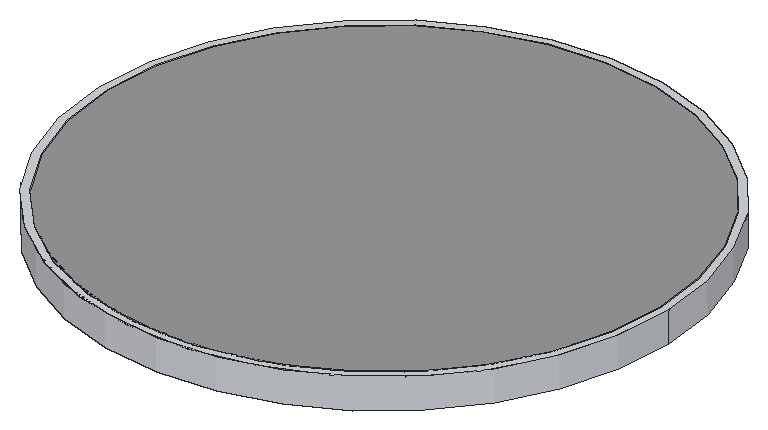
Revit family "2071316", category Lighting Fixtures, host Face, Revit 2018
Family settings
  Host = Face
  Round Connector Dimension = Use Diameter
  Part Type = Junction Box
  OmniClass Number = 23.80.70.00
  OmniClass Title = Lighting
  Cut with Voids When Loaded = No
  Light Source = Yes
  Shared = No
  Room Calculation Point = No
Parameters (values of type "2071316 COLOSSAL 1200 840 OP DIR+H WHT SSC")
  iner diameter = 1168 mm
  Weight = "n/a"
  Wattage Comments = ""
  Wattage = 30 W
  WarrantyStartDate [instance] = "n/a"
  WarrantyGuarantorParts = "n/a"
  WarrantyDurationUnit = "n/a"
  WarrantyDurationParts = ""
  WarrantyDescription = "http://www.sylvania-lighting.com"
  built-in parameter 1150110 = 1 (stored number, unit not read)
  Voltage = 230 V
  URL = "0.95"
  TypeName = "COLOSSAL 1200mm 840 OPAL DIR+HAL WHITE SSC"
  Type Image = <None>
  Type Comments = "n/a"
  built-in parameter 1114217 = 1 (stored number, unit not read)
  Tilt Angle = -90.00°
  built-in parameter 1150109 = 1 (stored number, unit not read)
  built-in parameter 1150134 = (empty or 0)
  built-in parameter 1150113 = 1 (stored number, unit not read)
  SerialNumber [instance] = "n/a"
  Photometric Web File = "2071316.ies"
  Material_3_SYL = LED-Sylvania
  PowerFactor = 0
  PowerConsumption = "Lighting"
  NominalLength = 1168 mm
  NominalHeight = 93 mm
  NominalDepth = 1168 mm
  Name = "COLOSSAL 1200mm 840 OPAL DIR+HAL WHITE SSC"
  ModelReference = Name  # "COLOSSAL 1200mm 840 OPAL DIR+HAL WHITE SSC"
  ModelNumber = "2071316"
  Model = Name  # "COLOSSAL 1200mm 840 OPAL DIR+HAL WHITE SSC"
  Material = "Feilo Sylvania"
  ManufacturerName = "144 lm/W"
  Manufacturer = ""
  LuminousEfficacy = ""
  built-in parameter 1150105 = 270.44 (stored number, unit not read)
  Lumens = 3398.4 lm
  LuminaireType = "0"
  built-in parameter 1150115 = 1 (stored number, unit not read)
  LightOutputRatio = "LED"
  built-in parameter 1150137 = (empty or 0)
  built-in parameter 1150139 = (empty or 0)
  LampsType = Lamp  # "n/a"
  LampNominalLuminous = "4000 K"
  LampMacAdamStep = "80"
  LampColourTemperature = "LED"
  LampColourRenderingIndex = "16500"
  built-in parameter 1150112 = 1 (stored number, unit not read)
  built-in parameter 1150114 = 1 (stored number, unit not read)
  Lamp = "n/a"
  Keynote = "n/a"
  InstallationDate [instance] = "n/a"
  InputVoltage = "0"
  InputNominalFrequency = "4000"
  built-in parameter 1150132 = (empty or 0)
  built-in parameter 1150102 = (empty or 0)
  built-in parameter 1150107 = 3000 (stored number, unit not read)
  built-in parameter 1150138 = (empty or 0)
  IngressProtection = "IfcLightFixtureType"
  ImpactProtectionIndex = "IfcLightFixtureType"
  built-in parameter 1150106 = 2.7044 (stored number, unit not read)
  IfcExportType = "IfcLightFixtureType"
  IfcExportAs = "Class I"
  Emit from Circle Diameter = 385 mm
  Emit Shape Visible in Rendering = no
  ElectricShockClassification = "144"
  built-in parameter 1150104 = 10.524 (stored number, unit not read)
  DocumentationLiterature = "http://www.sylvania-lighting.com/product/en-int/products/2071316"
  DimmingControlOptions = "n/a"
  Material_2_SYL = Polycarbonate_Sylvania_White
  Dimming Lamp Color Temperature Shift = <None>
  Description = "1200mm diameter circular architectural luminaire, can be surface mounted or suspended. Powder coated aluminium housing (RAL9016) with polycarbonate opal diffuser. Direct/indirect (halo) light distribution, 22175lm luminuous flux, 153.6W system power, 144lm/W luminiaire efficacy. Sylsmart Standalone enabled. Colour rendering index Ra >80, 4000K Neutral White LED, chromaticity tolerance of 3-step MacAdam ellipse. IP40/IP20, IK03. 450mA drive current. Electrical protection Class1, 220-240V. Reported lifetime 66k hours L90B10."
  Default Elevation = 1219.2 mm
  CreatedOn = "23/03/2022"
  CreatedBy = "@sylvania-lighting.com"
  Cost = 0
  Color Filter = 16777215
  built-in parameter 1114216 [instance] = (empty or 0)
  ClassificationValue = "EF_70_80"
  ClassificationName = "Uniclass2015"
  Material_1_SYL = Polycarbonate_Sylvania_Opal
  BarCode [instance] = "n/a"
  built-in parameter 1114218 = 1 (stored number, unit not read)
  built-in parameter 1150133 = 10 (stored number, unit not read)
  AssetType = "Fixed"
  AssetIdentifier [instance] = "n/a"
  Assembly Code = "D5020200"
  Apparent Load = 153.6 VA
  Material_4_SYL = none
Reference planes
  plane 1 "Center (Front/Back)": y = 0
  plane 2: z = 0
  plane 3 "Center (Left/Right)": x = 0
  plane 4: z = 1.161
  plane 5: z = 16.161
  plane 6: y = 584
  plane 7: y = -584
  plane 8: x = 85
  plane 9: x = -85
  plane 10: through (0, 0, 1219.2) normal (0.5, 0.866, 0)
  plane 11: through (42.5, 73.612, 1219.2) normal (0.5, 0.866, 0)
  plane 12: through (-42.5, -73.612, 1219.2) normal (0.5, 0.866, 0)
  plane 13: through (0, 0, 1219.2) normal (0.5, -0.866, 0)
  plane 14: through (-42.5, 73.612, 1219.2) normal (0.5, -0.866, 0)
  plane 15: through (42.5, -73.612, 1219.2) normal (0.5, -0.866, 0)
  plane 16: z = 93
  plane 17: y = 584
  plane 18: y = -584
  plane 19: y = -429
  plane 20: x = -584
  plane 21: x = 584
Forms (mm)
  Extrusion 1, solid, detail levels medium+fine
    sketch origin (0, 0, 0) x (0.866025, -0.5, 0) y (0.5, 0.866025, 0)
      loop
        circle (-50, 86.603) r 22
    from 0 to 2
  Extrusion 2, solid, detail levels medium+fine
    sketch origin (0, 0, 0) x (0.866025, -0.5, 0) y (0.5, 0.866025, 0)
      loop
        circle (100, 0) r 22
      loop
        circle (-50, -86.603) r 22
    from 0 to 2
  Extrusion 3, solid, detail levels medium+fine
    sketch origin (0, 0, 0) x (1, 0, 0) y (0, 1, 0)
      loop
        circle (0, 0) r 584
    from 30 to 93
  Extrusion 4, void
    sketch origin (0, 0, 0) x (1, 0, 0) y (0, 1, 0)
      loop
        circle (0, 0) r 568
    from 96.588 to 37.292
  Extrusion 5, solid, material "Glass, White, High Luminance", detail levels fine
    sketch origin (0, 0, 0) x (1, 0, 0) y (0, 1, 0)
      loop
        circle (0, 0) r 568
    from 88.022 to 93
  Extrusion 6, solid, detail levels coarse
    sketch origin (0, 0, 0) x (1, 0, 0) y (0, 1, 0)
      loop
        line (-584, 584) -> (-584, -584) -> (584, -584) -> (584, 584) -> (-584, 584)
    from 0 to 93
  Blend 7, solid, detail levels medium+fine
    base sketch origin (-10.814, 11.299, 29.922) x (1, 0, 0) y (0, 1, 0)
      loop
        line (-402.654, -330.622) -> (397.346, -330.622) -> (482.346, -183.398) -> (82.346, 509.423) -> (-87.654, 509.423) -> (-487.654, -183.398) -> (-402.654, -330.622)
    top sketch origin (-10.814, 11.299, 29.922) x (1, 0, 0) y (0, 1, 0)
      loop
        line (-363.391, -306.496) -> (364.632, -306.496) -> (449.632, -159.272) -> (87.132, 468.597) -> (-82.868, 468.597) -> (-445.368, -159.272) -> (-363.391, -306.496)
    from 0 to -30
Cuts and joins
  Extrusion 4 cuts Extrusion 1
  Extrusion 4 cuts Extrusion 2
  Extrusion 4 cuts Extrusion 3
Lines and regions (mm)
  model lines, detail levels medium+fine
    curve 1: circle (0, 0, 0) r 155 normal (0, 0, 1)
  reference lines
    curve 2: circle (0, 0, 0) r 489 normal (0, 0, 1)
    curve 3: circle (0, 0, 0) r 521 normal (0, 0, 1)
    curve 4: line (0, 0, 0) -> (606.218, -350, 0)
    curve 5: line (0, 0, 0) -> (0, 825, 0)
    curve 6: line (0, 0, 0) -> (-623.538, -360, 0)
    curve 7: line (639.013, -270.785, 0) -> (85, 49.075, 0)
    curve 8: line (563.718, -423.612, 0) -> (0, -98.15, 0)
    curve 9: line (85, 49.075, 0) -> (85, 825, 0)
    curve 10: line (-85, 49.075, 0) -> (-85, 825, 0)
    curve 11: line (-85, 49.075, 0) -> (-666.038, -286.388, 0)
    curve 12: line (-581.038, -433.612, 0) -> (0, -98.15, 0)
Dimensions and locks
  plane 4 to level = 1.161 mm
  locked: plane 5 to plane 4 at 15
  "NominalDepth": plane 6 to plane 7
  plane 6 to plane 1 "Center (Front/Back)" to plane 7 = 584 mm, 584 mm
  "NominalHeight": level to plane 16
  equal spacing: plane 17, plane 1 "Center (Front/Back)", plane 18
  "NominalLength": plane 20 to plane 21
  equal spacing: plane 20, plane 3 "Center (Left/Right)", plane 21
  aligned and locked: plane 2 to host face
  aligned and locked: level to host face
  aligned and locked: plane 6 to Extrusion 6
Automatic sketch dimensions
  host sketch curve to host sketch curve = 2438.4 mm  (x2)
  Extrusion 1 sketch curve to plane 3 "Center (Left/Right)" = 0 mm
  Extrusion 1 sketch curve to plane 1 "Center (Front/Back)" = 100 mm
  plane 1 "Center (Front/Back)" to Extrusion 2 sketch curve = 50 mm
  Extrusion 2 sketch curve to plane 3 "Center (Left/Right)" = 86.603 mm
  Extrusion 2 sketch curve to Extrusion 2 sketch curve = 150 mm
  Extrusion 2 sketch curve to Extrusion 2 sketch curve = 86.603 mm
  plane 1 "Center (Front/Back)" to curve 1 = 0 mm
  curve 1 to plane 3 "Center (Left/Right)" = 0 mm
  plane 1 "Center (Front/Back)" to Extrusion 3 sketch curve = 0 mm
  Extrusion 3 sketch curve to plane 3 "Center (Left/Right)" = 0 mm
  plane 1 "Center (Front/Back)" to Extrusion 4 sketch curve = 0 mm
  Extrusion 4 sketch curve to plane 3 "Center (Left/Right)" = 0 mm
  plane 1 "Center (Front/Back)" to Extrusion 5 sketch curve = 0 mm
  Extrusion 5 sketch curve to plane 3 "Center (Left/Right)" = 0 mm
  curve 2 to curve 3 = 0 mm  (x2)
  curve 11 to plane 14 = 0 mm
  curve 6 to plane 13 = 0 mm
  curve 12 to plane 15 = 0 mm
  curve 10 to plane 9 = 0 mm
  curve 12 to plane 3 "Center (Left/Right)" = 0 mm
  plane 1 "Center (Front/Back)" to curve 3 = 0 mm
  curve 3 to plane 3 "Center (Left/Right)" = 0 mm
  curve 7 to plane 8 = 0 mm
  curve 11 to plane 10 = 0 mm
  curve 12 to plane 19 = 4.612 mm
  plane 19 to curve 6 = 69 mm
  plane 19 to curve 11 = 142.612 mm
  plane 19 to curve 8 = 5.388 mm
  plane 19 to curve 4 = 79 mm
  plane 19 to curve 7 = 158.215 mm
  plane 6 to curve 5 = 241 mm
  curve 10 to curve 5 = 0 mm
  curve 5 to curve 9 = 0 mm
  plane 1 "Center (Front/Back)" to curve 6 = 0 mm
  curve 6 to plane 3 "Center (Left/Right)" = 0 mm
  Extrusion 6 sketch curve to plane 7 = 0 mm
  Extrusion 6 sketch curve to plane 6 = 0 mm
  Blend 7 sketch curve to plane 6 = 756.098 mm  (x2)
  Blend 7 sketch curve to Blend 7 sketch curve = 85 mm
  plane 3 "Center (Left/Right)" to Blend 7 sketch curve = 386.532 mm
  plane 8 to Blend 7 sketch curve = 386.532 mm
  Blend 7 sketch curve to plane 6 = 63.278 mm
  Blend 7 sketch curve to plane 6 = 731.972 mm  (x2)
  Blend 7 sketch curve to Blend 7 sketch curve = 81.977 mm
  plane 3 "Center (Left/Right)" to Blend 7 sketch curve = 353.818 mm
  plane 8 to Blend 7 sketch curve = 353.818 mm
  Blend 7 sketch curve to plane 6 = 104.104 mm
  plane 12 to curve 8 = 0 mm
  plane 19 to Blend 7 sketch curve = 109.677 mm
  plane 19 to Blend 7 sketch curve = 133.803 mm
  plane 8 to Extrusion 6 sketch curve = 499 mm
  Extrusion 6 sketch curve to plane 9 = 499 mm
  Blend 7 sketch curve to plane 8 = 13.468 mm
  Blend 7 sketch curve to plane 9 = 13.468 mm
  Blend 7 sketch curve to plane 9 = 328.468 mm
  Blend 7 sketch curve to plane 8 = 8.682 mm
  Blend 7 sketch curve to plane 9 = 8.682 mm
  Blend 7 sketch curve to plane 9 = 289.205 mm
  plane 10 to curve 4 = 0 mm
  plane 11 to curve 7 = 0 mm
  curve 12 to plane 12 = 0 mm
  curve 9 to plane 11 = 0 mm
  radius of Extrusion 1 sketch curve = 22 mm
  radius of Extrusion 2 sketch curve = 22 mm  (x2)
  radius of curve 1 = 155 mm
  radius of Extrusion 3 sketch curve = 584 mm
  radius of Extrusion 4 sketch curve = 568 mm
  radius of Extrusion 5 sketch curve = 568 mm
  radius of curve 2 = 489 mm
  radius of curve 3 = 521 mm
Connectors
  electrical at (0, 0, 30)
    settings: on cut or joined group of Extrusion 3, Extrusion 4, index 1, voltage 0 V, apparent load 0 VA, apparent load phase1 0 VA, apparent load phase2 0 VA, apparent load phase3 0 VA, power factor 1, load classification "Other", number of poles 1, system type 31, power factor state 1, is connector primary yes, connector utility no, sub classification motor no, connector description ""
